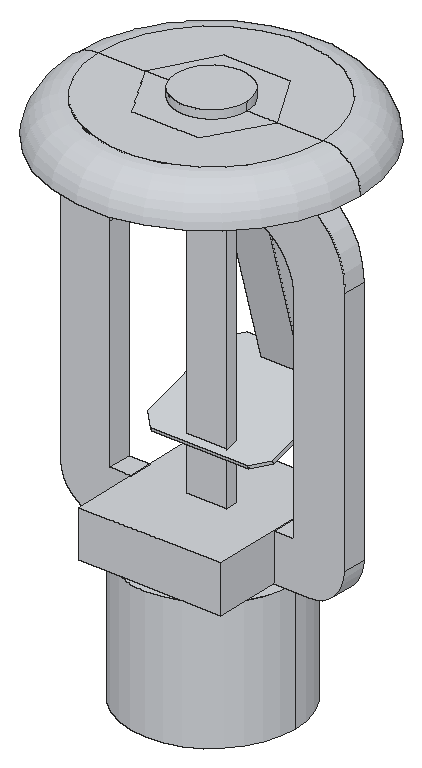
Revit family
Parameters (values of type "RASCO GFR UPRIGHT")
  Temperature Rating = 212 °F
  Response = 1
  RASCO SIN # = "R3125"
  RASCO Part # = "GFRU2C"
  Pressure Rating = "175 PSI"
  Pressure Class = (empty or 0)
  Orifice Size = 1/2"
  Orifice = (empty or 0)
  Model = "GFR"
  Manufacturer = "RASCO"
  K-Factor = 8
  Description = "Chrome Finish"
  Coverage = (empty or 0)
Reference planes (in)
  plane 1 "Center (Front/Back)": y = 0
  plane 2: z = 0
  plane 3 "Center (Left/Right)": x = 0
Dimensions and locks (in)
  aligned and locked: plane 2 to level
Nested families (in)
  nested 1: "GFRU2C" at (0, 0, 0), type "RASCO GFR UPRIGHT"
Connectors (in)
  piping at (0, 0, 0)
    settings: on nested 1, index 1, connector radius 0.45", flow factor 0, pipe flow 0 GPM, pressure drop 0.00 psi, fitting loss kfactor 0, connector angle 0.00°, fixture units 0, flow configuration 0, flow direction 0, fitting loss method 0, system type 7, connector reference index -1, connector utility 0, adjustable connector no, is connector primary yes, fitting loss table "", connector description ""
Definition of nested family "GFRU2C"
  Parameters (values of type "RASCO GFR UPRIGHT")
    Type Comments = ""
    Temperature Rating = 0 °F
    Response = (empty or 0)
    Pressure Rating = "0"
    Pressure Class = (empty or 0)
    Orifice Size = 0"
    Orifice = (empty or 0)
    Model = ""
    Manufacturer = ""
    K-Factor = 0
    Description = ""
    Coverage = (empty or 0)
    Assembly Code = ""
  Reference planes (in)
    plane 1 "Center (Front/Back)": y = 0
    plane 2: z = 0
    plane 3 "ref.2": z = 0.6875
    plane 4 "ref.3": z = 0.9375
    plane 5: x = -0.38065
    plane 6: x = 0.36935
    plane 7 "ref. side 1": y = 0.06402
    plane 8 "ref. side 2": y = -0.06098
    plane 9 "ref.4": z = 1.875
    plane 10 "ref.5": z = 2.875
    plane 11 "center": x = -0.00574
    plane 12 "clip": through (0, 0.52703, 1.36085) normal (0, 0.2756, -0.9613)
  Forms (in)
    Extrusion 1, solid
      sketch origin (0, 0, 0) x (1, 0, 0) y (0, 1, 0)
        loop
          circle (0, 0) r 0.438
      from 0 to 0.6875
    Extrusion 2, solid
      sketch origin (-0.12185, 0.05177, 0.6875) x (1, 0, 0) y (0, 1, 0)
        loop
          line (-0.2588, 0.356) -> (-0.2588, -0.4565) -> (0.4912, -0.4565) -> (0.4912, 0.356) -> (-0.2588, 0.356)
      from 0 to 0.25
    Extrusion 3, solid
      sketch origin (0, 0, 0) x (1, 0, 0) y (0, 0, 1)
        loop
          line (-0.49248, 0.9375) -> (-0.49248, 2.10276)
          arc (-0.49248, 2.10276) -> (-0.40724, 2.30855) -> (-0.20145, 2.39379) r 0.29103
          line (-0.20145, 2.39379) -> (0.18108, 2.39379)
          arc (0.18108, 2.39379) -> (0.38905, 2.30765) -> (0.47519, 2.09969) r 0.29411
          line (0.47519, 2.09969) -> (0.47519, 0.9375) -> (0.36935, 0.9375) -> (0.36935, 0.6875) -> (0.55741, 0.6875)
          arc (0.55741, 0.6875) -> (0.69165, 0.7431) -> (0.74725, 0.87734) r 0.18984
          line (0.74725, 0.87734) -> (0.74725, 2.19113)
          arc (0.74725, 2.19113) -> (0.61669, 2.50631) -> (0.3015, 2.63687) r 0.44574
          line (0.3015, 2.63687) -> (-0.30719, 2.63687)
          arc (-0.30719, 2.63687) -> (-0.62225, 2.50637) -> (-0.75275, 2.19131) r 0.44556
          line (-0.75275, 2.19131) -> (-0.75275, 0.87876)
          arc (-0.75275, 0.87876) -> (-0.69673, 0.74352) -> (-0.56149, 0.6875) r 0.19126
          line (-0.56149, 0.6875) -> (-0.38065, 0.6875) -> (-0.38065, 0.9375) -> (-0.49248, 0.9375)
      from -0.06402 to 0.06098
    Extrusion 4, solid
      sketch origin (-0.00199, 0, 2.4375) x (-1, 0, 0) y (0, -1, 0)
        loop
          circle (0.00574, -0.00152) r 0.1875
      from -0.04371 to 0.4375
    Revolve 5, solid
      sketch origin (-0.0011, 0, 0.30638) x (1, 0, 0) y (0, 0, 1)
        loop
          line (-0.19255, 2.33367) -> (-0.19255, 2.52696) -> (-0.35809, 2.52696) -> (-0.59714, 2.52696)
          arc (-0.59714, 2.52696) -> (-0.73508, 2.47056) -> (-0.79397, 2.33367) r 0.19686
          line (-0.79397, 2.33367) -> (-0.19255, 2.33367)
        axis (-0.00574, 2.33367) -> (-0.00574, 2.52696)
      angle from 0 to 360
    Extrusion 6, solid
      sketch origin (0, 0, 0.9375) x (-1, 0, 0) y (0, -1, 0)
        loop
          line (-0.10175, -0.02852) -> (0.11324, -0.02852) -> (0.11324, 0.03101) -> (-0.10175, 0.03101) -> (-0.10175, -0.02852)
      from 0 to 1.45629
    Extrusion 7, solid
      sketch origin (-0.00574, 0, 0) x (0, 0, -1) y (0, -1, 0)
        loop
          line (-2.34418, 0.08154) -> (-2.34418, -0.18975)
          arc (-2.34418, -0.18975) -> (-2.3294, -0.23392) -> (-2.29102, -0.2603) r 0.07339
          line (-2.29102, -0.2603) -> (-1.29471, -0.54599) -> (-1.27823, -0.48852) -> (-2.23088, -0.21535)
          arc (-2.23088, -0.21535) -> (-2.26901, -0.18915) -> (-2.28369, -0.14527) r 0.07291
          line (-2.28369, -0.14527) -> (-2.28369, 0.08154) -> (-2.34418, 0.08154)
      from -0.1075 to 0.1075
    Extrusion 8, solid
      sketch origin (0, -0.32053, 1.11781) x (0, 0.961262, 0.275637) y (1, 0, 0)
        loop
          line (0.84059, -0.34079) -> (0.916, -0.26539) -> (0.916, 0.24563) -> (0.84145, 0.32018) -> (0.33718, 0.32018) -> (0.26218, 0.24518) -> (0.26218, -0.26617) -> (0.3368, -0.34079) -> (0.84059, -0.34079)
      from -0.01906 to 0
  Cuts and joins
    joined: Extrusion 1, Extrusion 2, Revolve 5
  Dimensions and locks (in)
    Revolve 5 sketch curve to Revolve 5 sketch curve = 0.78823"
